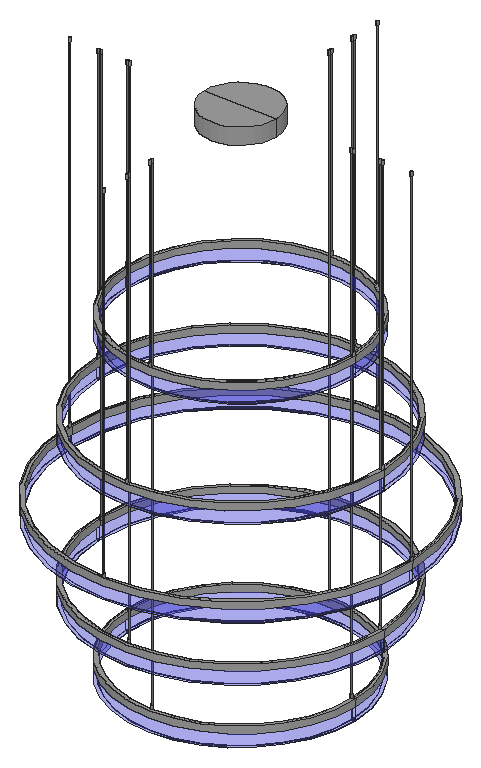
Revit family "Alcon-12272-5-32-40-48-40-32-Revit-Family", category Generic Models, host Ceiling, Revit 2025
Family settings
  Host = Ceiling
  Can host rebar = No
  Round Connector Dimension = Use Diameter
  Part Type = Normal
  Always vertical = Yes
  Cut with Voids When Loaded = No
  Maintain Annotation Orientation = No
  Shared = No
  Room Calculation Point = No
Parameters
  URL = "https://www.alconlighting.com/?srsltid=AfmBOooDPhGQ0dEP-X2PMtxFfvvWpIAEL4jCll_O2F4_to5onvhnBomy"
  Product Page = "https://www.alconlighting.com/redondo-12272-5.html"
  Model = "12272-5"
  Manufacturer = "Alcon Lighting"
  Lens = Glass
  Housing = Default
  Default Elevation = 0' - 0"
Reference planes (in)
  plane 1 "Center (Front/Back)": y = 0
  plane 2 "Ceiling": z = 96
  plane 3 "Center (Left/Right)": x = 0
Forms (in)
  Revolve 1, solid, material "Default" <- "Housing"
    sketch origin (0, 0, 0) x (1, 0, 0) y (0, 0, 1)
      loop
        line (0, 96) -> (0, 93.75) -> (5, 93.75) -> (5, 96) -> (0, 96)
      axis (0, 96) -> (0, 93.75)
    angle from 0 to 360
  Revolve 2, solid, material "Default" <- "Housing"
    sketch origin (0, 0, -29.03125) x (1, 0, 0) y (0, 0, 1)
      loop
        line (19.5, 66.65) -> (19.5, 65.72813) -> (19.5625, 65.72813) -> (19.5625, 66.5875) -> (19.9375, 66.5875) -> (19.9375, 65.72813) -> (20, 65.72813) -> (20, 66.65) -> (19.5, 66.65)
      axis (0, 65.72813) -> (0, 66.65)
    angle from 0 to 360
  Revolve 3, solid, material "Glass" <- "Lens"
    sketch origin (0, 0, -29.03125) x (1, 0, 0) y (0, 0, 1)
      loop
        line (19.5, 63.89) -> (20, 63.89) -> (20, 65.72813) -> (19.96875, 65.72813) -> (19.96875, 63.92125) -> (19.53125, 63.92125) -> (19.53125, 65.72813) -> (19.5, 65.72813) -> (19.5, 63.89)
      axis (0, 63.89) -> (0, 65.72813)
    angle from 0 to 360
  Revolve 4, solid, material "Default" <- "Housing"
    sketch origin (0, -31.92511, -29.03125) x (0, 1, 0) y (0, 0, 1)
      loop
        line (12.55011, 66.65) -> (12.67511, 66.65) -> (12.67511, 67.1208) -> (12.55011, 67.1208) -> (12.55011, 66.65)
      axis (12.55011, 67.1208) -> (12.55011, 66.65)
    angle from 0 to 360
  Extrusion 5, solid, material "Default" <- "Housing"
    sketch origin (0, -19.37511, 92.90344) x (0, 1, 0) y (1, 0, 0)
      loop
        circle (0, 0) r 0.04922
    from -2.62576 to 54.8139
  Revolve 6, solid, material "Default" <- "Housing"
    sketch origin (0, -31.92511, 28.8792) x (0, 1, 0) y (0, 0, 1)
      loop
        line (12.55011, 66.65) -> (12.67511, 66.65) -> (12.67511, 67.1208) -> (12.55011, 67.1208) -> (12.55011, 66.65)
      axis (12.55011, 67.1208) -> (12.55011, 66.65)
    angle from 0 to 360
  Revolve 7, solid, material "Default" <- "Housing"
    sketch origin (0, 6.82489, -29.03125) x (0, 1, 0) y (0, 0, 1)
      loop
        line (12.55011, 66.65) -> (12.67511, 66.65) -> (12.67511, 67.1208) -> (12.55011, 67.1208) -> (12.55011, 66.65)
      axis (12.55011, 67.1208) -> (12.55011, 66.65)
    angle from 0 to 360
  Extrusion 8, solid, material "Default" <- "Housing"
    sketch origin (0, 19.37489, 92.90344) x (0, 1, 0) y (1, 0, 0)
      loop
        circle (0, 0) r 0.04922
    from -2.62576 to 54.8139
  Revolve 9, solid, material "Default" <- "Housing"
    sketch origin (0, 6.82489, 28.8792) x (0, 1, 0) y (0, 0, 1)
      loop
        line (12.55011, 66.65) -> (12.67511, 66.65) -> (12.67511, 67.1208) -> (12.55011, 67.1208) -> (12.55011, 66.65)
      axis (12.55011, 67.1208) -> (12.55011, 66.65)
    angle from 0 to 360
  Revolve 10, solid, material "Default" <- "Housing"
    sketch origin (19.375, -12.55011, -29.03125) x (0, 1, 0) y (0, 0, 1)
      loop
        line (12.55011, 66.65) -> (12.67511, 66.65) -> (12.67511, 67.1208) -> (12.55011, 67.1208) -> (12.55011, 66.65)
      axis (12.55011, 67.1208) -> (12.55011, 66.65)
    angle from 0 to 360
  Extrusion 11, solid, material "Default" <- "Housing"
    sketch origin (19.375, -0.00011, 92.90344) x (0, 1, 0) y (1, 0, 0)
      loop
        circle (0, 0) r 0.04922
    from -2.62576 to 54.8139
  Revolve 12, solid, material "Default" <- "Housing"
    sketch origin (19.375, -12.55011, 28.8792) x (0, 1, 0) y (0, 0, 1)
      loop
        line (12.55011, 66.65) -> (12.67511, 66.65) -> (12.67511, 67.1208) -> (12.55011, 67.1208) -> (12.55011, 66.65)
      axis (12.55011, 67.1208) -> (12.55011, 66.65)
    angle from 0 to 360
  Revolve 13, solid, material "Default" <- "Housing"
    sketch origin (-19.375, -12.55011, -29.03125) x (0, 1, 0) y (0, 0, 1)
      loop
        line (12.55011, 66.65) -> (12.67511, 66.65) -> (12.67511, 67.1208) -> (12.55011, 67.1208) -> (12.55011, 66.65)
      axis (12.55011, 67.1208) -> (12.55011, 66.65)
    angle from 0 to 360
  Extrusion 14, solid, material "Default" <- "Housing"
    sketch origin (-19.375, -0.00011, 92.90344) x (0, 1, 0) y (1, 0, 0)
      loop
        circle (0, 0) r 0.04922
    from -2.62576 to 54.8139
  Revolve 15, solid, material "Default" <- "Housing"
    sketch origin (-19.375, -12.55011, 28.8792) x (0, 1, 0) y (0, 0, 1)
      loop
        line (12.55011, 66.65) -> (12.67511, 66.65) -> (12.67511, 67.1208) -> (12.55011, 67.1208) -> (12.55011, 66.65)
      axis (12.55011, 67.1208) -> (12.55011, 66.65)
    angle from 0 to 360
  Revolve 16, solid, material "Default" <- "Housing"
    sketch origin (0, 0, -19.03125) x (1, 0, 0) y (0, 0, 1)
      loop
        line (23.5, 66.65) -> (23.5, 65.72813) -> (23.5625, 65.72813) -> (23.5625, 66.5875) -> (23.9375, 66.5875) -> (23.9375, 65.72813) -> (24, 65.72813) -> (24, 66.65) -> (23.5, 66.65)
      axis (0, 65.72813) -> (0, 66.65)
    angle from 0 to 360
  Revolve 17, solid, material "Glass" <- "Lens"
    sketch origin (0, 0, -19.03125) x (1, 0, 0) y (0, 0, 1)
      loop
        line (23.5, 63.89) -> (24, 63.89) -> (24, 65.72813) -> (23.96875, 65.72813) -> (23.96875, 63.92125) -> (23.53125, 63.92125) -> (23.53125, 65.72813) -> (23.5, 65.72813) -> (23.5, 63.89)
      axis (0, 63.89) -> (0, 65.72813)
    angle from 0 to 360
  Revolve 18, solid, material "Default" <- "Housing"
    sketch origin (-23.73128, -12.55011, -19.03125) x (0, 1, 0) y (0, 0, 1)
      loop
        line (12.55011, 66.65) -> (12.67511, 66.65) -> (12.67511, 67.1208) -> (12.55011, 67.1208) -> (12.55011, 66.65)
      axis (12.55011, 67.1208) -> (12.55011, 66.65)
    angle from 0 to 360
  Extrusion 19, solid, material "Default" <- "Housing"
    sketch origin (-23.73128, -0.00011, 102.90344) x (0, 1, 0) y (1, 0, 0)
      loop
        circle (0, 0) r 0.04922
    from 7.37424 to 54.8139
  Revolve 20, solid, material "Default" <- "Housing"
    sketch origin (-23.73128, -12.55011, 28.8792) x (0, 1, 0) y (0, 0, 1)
      loop
        line (12.55011, 66.65) -> (12.67511, 66.65) -> (12.67511, 67.1208) -> (12.55011, 67.1208) -> (12.55011, 66.65)
      axis (12.55011, 67.1208) -> (12.55011, 66.65)
    angle from 0 to 360
  Revolve 21, solid, material "Default" <- "Housing"
    sketch origin (-19.375, -12.55011, -29.03125) x (0, 1, 0) y (0, 0, 1)
      loop
        line (12.55011, 66.65) -> (12.67511, 66.65) -> (12.67511, 67.1208) -> (12.55011, 67.1208) -> (12.55011, 66.65)
      axis (12.55011, 67.1208) -> (12.55011, 66.65)
    angle from 0 to 360
  Extrusion 22, solid, material "Default" <- "Housing"
    sketch origin (-19.375, -0.00011, 92.90344) x (0, 1, 0) y (1, 0, 0)
      loop
        circle (0, 0) r 0.04922
    from -2.62576 to 54.8139
  Revolve 23, solid, material "Default" <- "Housing"
    sketch origin (-19.375, -12.55011, 28.8792) x (0, 1, 0) y (0, 0, 1)
      loop
        line (12.55011, 66.65) -> (12.67511, 66.65) -> (12.67511, 67.1208) -> (12.55011, 67.1208) -> (12.55011, 66.65)
      axis (12.55011, 67.1208) -> (12.55011, 66.65)
    angle from 0 to 360
  Revolve 24, solid, material "Default" <- "Housing"
    sketch origin (23.7346, -12.55011, -19.03125) x (0, 1, 0) y (0, 0, 1)
      loop
        line (12.55011, 66.65) -> (12.67511, 66.65) -> (12.67511, 67.1208) -> (12.55011, 67.1208) -> (12.55011, 66.65)
      axis (12.55011, 67.1208) -> (12.55011, 66.65)
    angle from 0 to 360
  Extrusion 25, solid, material "Default" <- "Housing"
    sketch origin (23.7346, -0.00011, 102.90344) x (0, 1, 0) y (1, 0, 0)
      loop
        circle (0, 0) r 0.04922
    from 7.37424 to 54.8139
  Revolve 26, solid, material "Default" <- "Housing"
    sketch origin (23.7346, -12.55011, 28.8792) x (0, 1, 0) y (0, 0, 1)
      loop
        line (12.55011, 66.65) -> (12.67511, 66.65) -> (12.67511, 67.1208) -> (12.55011, 67.1208) -> (12.55011, 66.65)
      axis (12.55011, 67.1208) -> (12.55011, 66.65)
    angle from 0 to 360
  Revolve 27, solid, material "Default" <- "Housing"
    sketch origin (0, 11.19989, -19.03125) x (0, 1, 0) y (0, 0, 1)
      loop
        line (12.55011, 66.65) -> (12.67511, 66.65) -> (12.67511, 67.1208) -> (12.55011, 67.1208) -> (12.55011, 66.65)
      axis (12.55011, 67.1208) -> (12.55011, 66.65)
    angle from 0 to 360
  Extrusion 28, solid, material "Default" <- "Housing"
    sketch origin (0, 23.74989, 102.90344) x (0, 1, 0) y (1, 0, 0)
      loop
        circle (0, 0) r 0.04922
    from 7.37424 to 54.8139
  Revolve 29, solid, material "Default" <- "Housing"
    sketch origin (0, 11.19989, 28.8792) x (0, 1, 0) y (0, 0, 1)
      loop
        line (12.55011, 66.65) -> (12.67511, 66.65) -> (12.67511, 67.1208) -> (12.55011, 67.1208) -> (12.55011, 66.65)
      axis (12.55011, 67.1208) -> (12.55011, 66.65)
    angle from 0 to 360
  Revolve 30, solid, material "Default" <- "Housing"
    sketch origin (0, -36.30011, -19.03125) x (0, 1, 0) y (0, 0, 1)
      loop
        line (12.55011, 66.65) -> (12.67511, 66.65) -> (12.67511, 67.1208) -> (12.55011, 67.1208) -> (12.55011, 66.65)
      axis (12.55011, 67.1208) -> (12.55011, 66.65)
    angle from 0 to 360
  Extrusion 31, solid, material "Default" <- "Housing"
    sketch origin (0, -23.75011, 102.90344) x (0, 1, 0) y (1, 0, 0)
      loop
        circle (0, 0) r 0.04922
    from 7.37424 to 54.8139
  Revolve 32, solid, material "Default" <- "Housing"
    sketch origin (0, -36.30011, 28.8792) x (0, 1, 0) y (0, 0, 1)
      loop
        line (12.55011, 66.65) -> (12.67511, 66.65) -> (12.67511, 67.1208) -> (12.55011, 67.1208) -> (12.55011, 66.65)
      axis (12.55011, 67.1208) -> (12.55011, 66.65)
    angle from 0 to 360
  Revolve 33, solid, material "Default" <- "Housing"
    sketch origin (0, 0, -39.03125) x (1, 0, 0) y (0, 0, 1)
      loop
        line (15.5, 66.65) -> (15.5, 65.72813) -> (15.5625, 65.72813) -> (15.5625, 66.5875) -> (15.9375, 66.5875) -> (15.9375, 65.72813) -> (16, 65.72813) -> (16, 66.65) -> (15.5, 66.65)
      axis (0, 65.72813) -> (0, 66.65)
    angle from 0 to 360
  Revolve 34, solid, material "Glass" <- "Lens"
    sketch origin (0, 0, -39.03125) x (1, 0, 0) y (0, 0, 1)
      loop
        line (15.5, 63.89) -> (16, 63.89) -> (16, 65.72813) -> (15.96875, 65.72813) -> (15.96875, 63.92125) -> (15.53125, 63.92125) -> (15.53125, 65.72813) -> (15.5, 65.72813) -> (15.5, 63.89)
      axis (0, 63.89) -> (0, 65.72813)
    angle from 0 to 360
  Revolve 35, solid, material "Default" <- "Housing"
    sketch origin (15.375, -12.55011, -39.03125) x (0, 1, 0) y (0, 0, 1)
      loop
        line (12.55011, 66.65) -> (12.67511, 66.65) -> (12.67511, 67.1208) -> (12.55011, 67.1208) -> (12.55011, 66.65)
      axis (12.55011, 67.1208) -> (12.55011, 66.65)
    angle from 0 to 360
  Extrusion 36, solid, material "Default" <- "Housing"
    sketch origin (15.375, -0.00011, 92.90344) x (0, 1, 0) y (1, 0, 0)
      loop
        circle (0, 0) r 0.04922
    from -2.62576 to 64.8139
  Revolve 37, solid, material "Default" <- "Housing"
    sketch origin (15.375, -12.55011, 28.8792) x (0, 1, 0) y (0, 0, 1)
      loop
        line (12.55011, 66.65) -> (12.67511, 66.65) -> (12.67511, 67.1208) -> (12.55011, 67.1208) -> (12.55011, 66.65)
      axis (12.55011, 67.1208) -> (12.55011, 66.65)
    angle from 0 to 360
  Revolve 38, solid, material "Default" <- "Housing"
    sketch origin (-15.375, -12.55011, -39.03125) x (0, 1, 0) y (0, 0, 1)
      loop
        line (12.55011, 66.65) -> (12.67511, 66.65) -> (12.67511, 67.1208) -> (12.55011, 67.1208) -> (12.55011, 66.65)
      axis (12.55011, 67.1208) -> (12.55011, 66.65)
    angle from 0 to 360
  Extrusion 39, solid, material "Default" <- "Housing"
    sketch origin (-15.375, -0.00011, 92.90344) x (0, 1, 0) y (1, 0, 0)
      loop
        circle (0, 0) r 0.04922
    from -2.62576 to 64.8139
  Revolve 40, solid, material "Default" <- "Housing"
    sketch origin (-15.375, -12.55011, 28.8792) x (0, 1, 0) y (0, 0, 1)
      loop
        line (12.55011, 66.65) -> (12.67511, 66.65) -> (12.67511, 67.1208) -> (12.55011, 67.1208) -> (12.55011, 66.65)
      axis (12.55011, 67.1208) -> (12.55011, 66.65)
    angle from 0 to 360
  Revolve 41, solid, material "Default" <- "Housing"
    sketch origin (0, 2.82489, -39.03125) x (0, 1, 0) y (0, 0, 1)
      loop
        line (12.55011, 66.65) -> (12.67511, 66.65) -> (12.67511, 67.1208) -> (12.55011, 67.1208) -> (12.55011, 66.65)
      axis (12.55011, 67.1208) -> (12.55011, 66.65)
    angle from 0 to 360
  Extrusion 42, solid, material "Default" <- "Housing"
    sketch origin (0, 15.37489, 92.90344) x (0, 1, 0) y (1, 0, 0)
      loop
        circle (0, 0) r 0.04922
    from -2.62576 to 64.8139
  Revolve 43, solid, material "Default" <- "Housing"
    sketch origin (0, 2.82489, 28.8792) x (0, 1, 0) y (0, 0, 1)
      loop
        line (12.55011, 66.65) -> (12.67511, 66.65) -> (12.67511, 67.1208) -> (12.55011, 67.1208) -> (12.55011, 66.65)
      axis (12.55011, 67.1208) -> (12.55011, 66.65)
    angle from 0 to 360
  Revolve 44, solid, material "Default" <- "Housing"
    sketch origin (0, -27.92511, -39.03125) x (0, 1, 0) y (0, 0, 1)
      loop
        line (12.55011, 66.65) -> (12.67511, 66.65) -> (12.67511, 67.1208) -> (12.55011, 67.1208) -> (12.55011, 66.65)
      axis (12.55011, 67.1208) -> (12.55011, 66.65)
    angle from 0 to 360
  Extrusion 45, solid, material "Default" <- "Housing"
    sketch origin (0, -15.37511, 92.90344) x (0, 1, 0) y (1, 0, 0)
      loop
        circle (0, 0) r 0.04922
    from -2.62576 to 64.8139
  Revolve 46, solid, material "Default" <- "Housing"
    sketch origin (0, -27.92511, 28.8792) x (0, 1, 0) y (0, 0, 1)
      loop
        line (12.55011, 66.65) -> (12.67511, 66.65) -> (12.67511, 67.1208) -> (12.55011, 67.1208) -> (12.55011, 66.65)
      axis (12.55011, 67.1208) -> (12.55011, 66.65)
    angle from 0 to 360
  Revolve 47, solid, material "Default" <- "Housing"
    sketch origin (0, 0, -9.03125) x (1, 0, 0) y (0, 0, 1)
      loop
        line (19.5, 66.65) -> (19.5, 65.72813) -> (19.5625, 65.72813) -> (19.5625, 66.5875) -> (19.9375, 66.5875) -> (19.9375, 65.72813) -> (20, 65.72813) -> (20, 66.65) -> (19.5, 66.65)
      axis (0, 65.72813) -> (0, 66.65)
    angle from 0 to 360
  Revolve 48, solid, material "Glass" <- "Lens"
    sketch origin (0, 0, -9.03125) x (1, 0, 0) y (0, 0, 1)
      loop
        line (19.5, 63.89) -> (20, 63.89) -> (20, 65.72813) -> (19.96875, 65.72813) -> (19.96875, 63.92125) -> (19.53125, 63.92125) -> (19.53125, 65.72813) -> (19.5, 65.72813) -> (19.5, 63.89)
      axis (0, 63.89) -> (0, 65.72813)
    angle from 0 to 360
  Revolve 49, solid, material "Default" <- "Housing"
    sketch origin (0, -32.29757, -9.03125) x (0, 1, 0) y (0, 0, 1)
      loop
        line (12.55011, 66.65) -> (12.67511, 66.65) -> (12.67511, 67.1208) -> (12.55011, 67.1208) -> (12.55011, 66.65)
      axis (12.55011, 67.1208) -> (12.55011, 66.65)
    angle from 0 to 360
  Extrusion 50, solid, material "Default" <- "Housing"
    sketch origin (0, -19.74757, 112.90344) x (0, 1, 0) y (1, 0, 0)
      loop
        circle (0, 0) r 0.04922
    from 17.37424 to 54.8139
  Revolve 51, solid, material "Default" <- "Housing"
    sketch origin (0, -32.29757, 28.8792) x (0, 1, 0) y (0, 0, 1)
      loop
        line (12.55011, 66.65) -> (12.67511, 66.65) -> (12.67511, 67.1208) -> (12.55011, 67.1208) -> (12.55011, 66.65)
      axis (12.55011, 67.1208) -> (12.55011, 66.65)
    angle from 0 to 360
  Revolve 52, solid, material "Default" <- "Housing"
    sketch origin (0, 7.20494, -9.03125) x (0, 1, 0) y (0, 0, 1)
      loop
        line (12.55011, 66.65) -> (12.67511, 66.65) -> (12.67511, 67.1208) -> (12.55011, 67.1208) -> (12.55011, 66.65)
      axis (12.55011, 67.1208) -> (12.55011, 66.65)
    angle from 0 to 360
  Extrusion 53, solid, material "Default" <- "Housing"
    sketch origin (0, 19.75494, 112.90344) x (0, 1, 0) y (1, 0, 0)
      loop
        circle (0, 0) r 0.04922
    from 17.37424 to 54.8139
  Revolve 54, solid, material "Default" <- "Housing"
    sketch origin (0, 7.20494, 28.8792) x (0, 1, 0) y (0, 0, 1)
      loop
        line (12.55011, 66.65) -> (12.67511, 66.65) -> (12.67511, 67.1208) -> (12.55011, 67.1208) -> (12.55011, 66.65)
      axis (12.55011, 67.1208) -> (12.55011, 66.65)
    angle from 0 to 360
  Revolve 55, solid, material "Default" <- "Housing"
    sketch origin (19.75804, -12.55011, -9.03125) x (0, 1, 0) y (0, 0, 1)
      loop
        line (12.55011, 66.65) -> (12.67511, 66.65) -> (12.67511, 67.1208) -> (12.55011, 67.1208) -> (12.55011, 66.65)
      axis (12.55011, 67.1208) -> (12.55011, 66.65)
    angle from 0 to 360
  Extrusion 56, solid, material "Default" <- "Housing"
    sketch origin (19.75804, -0.00011, 112.90344) x (0, 1, 0) y (1, 0, 0)
      loop
        circle (0, 0) r 0.04922
    from 17.37424 to 54.8139
  Revolve 57, solid, material "Default" <- "Housing"
    sketch origin (19.75804, -12.55011, 28.8792) x (0, 1, 0) y (0, 0, 1)
      loop
        line (12.55011, 66.65) -> (12.67511, 66.65) -> (12.67511, 67.1208) -> (12.55011, 67.1208) -> (12.55011, 66.65)
      axis (12.55011, 67.1208) -> (12.55011, 66.65)
    angle from 0 to 360
  Revolve 58, solid, material "Default" <- "Housing"
    sketch origin (-19.75897, -12.55011, -9.03125) x (0, 1, 0) y (0, 0, 1)
      loop
        line (12.55011, 66.65) -> (12.67511, 66.65) -> (12.67511, 67.1208) -> (12.55011, 67.1208) -> (12.55011, 66.65)
      axis (12.55011, 67.1208) -> (12.55011, 66.65)
    angle from 0 to 360
  Extrusion 59, solid, material "Default" <- "Housing"
    sketch origin (-19.75897, -0.00011, 112.90344) x (0, 1, 0) y (1, 0, 0)
      loop
        circle (0, 0) r 0.04922
    from 17.37424 to 54.8139
  Revolve 60, solid, material "Default" <- "Housing"
    sketch origin (-19.75897, -12.55011, 28.8792) x (0, 1, 0) y (0, 0, 1)
      loop
        line (12.55011, 66.65) -> (12.67511, 66.65) -> (12.67511, 67.1208) -> (12.55011, 67.1208) -> (12.55011, 66.65)
      axis (12.55011, 67.1208) -> (12.55011, 66.65)
    angle from 0 to 360
  Revolve 61, solid, material "Default" <- "Housing"
    sketch origin (-19.75897, -12.55011, -9.03125) x (0, 1, 0) y (0, 0, 1)
      loop
        line (12.55011, 66.65) -> (12.67511, 66.65) -> (12.67511, 67.1208) -> (12.55011, 67.1208) -> (12.55011, 66.65)
      axis (12.55011, 67.1208) -> (12.55011, 66.65)
    angle from 0 to 360
  Extrusion 62, solid, material "Default" <- "Housing"
    sketch origin (-19.75897, -0.00011, 112.90344) x (0, 1, 0) y (1, 0, 0)
      loop
        circle (0, 0) r 0.04922
    from 17.37424 to 54.8139
  Revolve 63, solid, material "Default" <- "Housing"
    sketch origin (-19.75897, -12.55011, 28.8792) x (0, 1, 0) y (0, 0, 1)
      loop
        line (12.55011, 66.65) -> (12.67511, 66.65) -> (12.67511, 67.1208) -> (12.55011, 67.1208) -> (12.55011, 66.65)
      axis (12.55011, 67.1208) -> (12.55011, 66.65)
    angle from 0 to 360
  Revolve 64, solid, material "Default" <- "Housing"
    sketch origin (0, 0, 3.72875) x (1, 0, 0) y (0, 0, 1)
      loop
        line (15.5, 66.65) -> (15.5, 65.72813) -> (15.5625, 65.72813) -> (15.5625, 66.5875) -> (15.9375, 66.5875) -> (15.9375, 65.72813) -> (16, 65.72813) -> (16, 66.65) -> (15.5, 66.65)
      axis (0, 65.72813) -> (0, 66.65)
    angle from 0 to 360
  Revolve 65, solid, material "Glass" <- "Lens"
    sketch origin (0, 0, 3.72875) x (1, 0, 0) y (0, 0, 1)
      loop
        line (15.5, 63.89) -> (16, 63.89) -> (16, 65.72813) -> (15.96875, 65.72813) -> (15.96875, 63.92125) -> (15.53125, 63.92125) -> (15.53125, 65.72813) -> (15.5, 65.72813) -> (15.5, 63.89)
      axis (0, 63.89) -> (0, 65.72813)
    angle from 0 to 360
  Revolve 66, solid, material "Default" <- "Housing"
    sketch origin (15.74271, -12.55011, 3.72875) x (0, 1, 0) y (0, 0, 1)
      loop
        line (12.55011, 66.65) -> (12.67511, 66.65) -> (12.67511, 67.1208) -> (12.55011, 67.1208) -> (12.55011, 66.65)
      axis (12.55011, 67.1208) -> (12.55011, 66.65)
    angle from 0 to 360
  Extrusion 67, solid, material "Default" <- "Housing"
    sketch origin (15.74271, -0.00011, 135.66344) x (0, 1, 0) y (1, 0, 0)
      loop
        circle (0, 0) r 0.04922
    from 40.13424 to 64.8139
  Revolve 68, solid, material "Default" <- "Housing"
    sketch origin (15.74271, -12.55011, 28.8792) x (0, 1, 0) y (0, 0, 1)
      loop
        line (12.55011, 66.65) -> (12.67511, 66.65) -> (12.67511, 67.1208) -> (12.55011, 67.1208) -> (12.55011, 66.65)
      axis (12.55011, 67.1208) -> (12.55011, 66.65)
    angle from 0 to 360
  Revolve 69, solid, material "Default" <- "Housing"
    sketch origin (-15.73482, -12.55011, 3.72875) x (0, 1, 0) y (0, 0, 1)
      loop
        line (12.55011, 66.65) -> (12.67511, 66.65) -> (12.67511, 67.1208) -> (12.55011, 67.1208) -> (12.55011, 66.65)
      axis (12.55011, 67.1208) -> (12.55011, 66.65)
    angle from 0 to 360
  Extrusion 70, solid, material "Default" <- "Housing"
    sketch origin (-15.73482, -0.00011, 135.66344) x (0, 1, 0) y (1, 0, 0)
      loop
        circle (0, 0) r 0.04922
    from 40.13424 to 64.8139
  Revolve 71, solid, material "Default" <- "Housing"
    sketch origin (-15.73482, -12.55011, 28.8792) x (0, 1, 0) y (0, 0, 1)
      loop
        line (12.55011, 66.65) -> (12.67511, 66.65) -> (12.67511, 67.1208) -> (12.55011, 67.1208) -> (12.55011, 66.65)
      axis (12.55011, 67.1208) -> (12.55011, 66.65)
    angle from 0 to 360
  Revolve 72, solid, material "Default" <- "Housing"
    sketch origin (0, 3.19989, 3.72875) x (0, 1, 0) y (0, 0, 1)
      loop
        line (12.55011, 66.65) -> (12.67511, 66.65) -> (12.67511, 67.1208) -> (12.55011, 67.1208) -> (12.55011, 66.65)
      axis (12.55011, 67.1208) -> (12.55011, 66.65)
    angle from 0 to 360
  Extrusion 73, solid, material "Default" <- "Housing"
    sketch origin (0, 15.74989, 135.66344) x (0, 1, 0) y (1, 0, 0)
      loop
        circle (0, 0) r 0.04922
    from 40.13424 to 64.8139
  Revolve 74, solid, material "Default" <- "Housing"
    sketch origin (0, 3.19989, 28.8792) x (0, 1, 0) y (0, 0, 1)
      loop
        line (12.55011, 66.65) -> (12.67511, 66.65) -> (12.67511, 67.1208) -> (12.55011, 67.1208) -> (12.55011, 66.65)
      axis (12.55011, 67.1208) -> (12.55011, 66.65)
    angle from 0 to 360
  Revolve 75, solid, material "Default" <- "Housing"
    sketch origin (0, -28.30011, 3.72875) x (0, 1, 0) y (0, 0, 1)
      loop
        line (12.55011, 66.65) -> (12.67511, 66.65) -> (12.67511, 67.1208) -> (12.55011, 67.1208) -> (12.55011, 66.65)
      axis (12.55011, 67.1208) -> (12.55011, 66.65)
    angle from 0 to 360
  Extrusion 76, solid, material "Default" <- "Housing"
    sketch origin (0, -15.75011, 135.66344) x (0, 1, 0) y (1, 0, 0)
      loop
        circle (0, 0) r 0.04922
    from 40.13424 to 64.8139
  Revolve 77, solid, material "Default" <- "Housing"
    sketch origin (0, -28.30011, 28.8792) x (0, 1, 0) y (0, 0, 1)
      loop
        line (12.55011, 66.65) -> (12.67511, 66.65) -> (12.67511, 67.1208) -> (12.55011, 67.1208) -> (12.55011, 66.65)
      axis (12.55011, 67.1208) -> (12.55011, 66.65)
    angle from 0 to 360
Dimensions and locks (in)
  equal spacing: host sketch curve, plane 3 "Center (Left/Right)", host sketch curve
  equal spacing: host sketch curve, plane 1 "Center (Front/Back)", host sketch curve
  host sketch curve to host sketch curve = 10' - 0"  (x2)
  aligned and locked: Extrusion 5 to Revolve 4
  aligned and locked: Revolve 6 to Extrusion 5
  aligned and locked: Extrusion 8 to Revolve 7
  aligned and locked: Revolve 9 to Extrusion 8
  aligned and locked: Extrusion 11 to Revolve 10
  aligned and locked: Revolve 12 to Extrusion 11
  aligned and locked: Extrusion 14 to Revolve 13
  aligned and locked: Extrusion 19 to Revolve 18
  aligned and locked: Revolve 20 to Extrusion 19
  aligned and locked: Extrusion 22 to Revolve 21
  aligned and locked: Extrusion 25 to Revolve 24
  aligned and locked: Revolve 26 to Extrusion 25
  aligned and locked: Extrusion 28 to Revolve 27
  aligned and locked: Revolve 29 to Extrusion 28
  aligned and locked: Extrusion 31 to Revolve 30
  aligned and locked: Revolve 32 to Extrusion 31
  aligned and locked: Extrusion 36 to Revolve 35
  aligned and locked: Revolve 37 to Extrusion 36
  aligned and locked: Extrusion 39 to Revolve 38
  aligned and locked: Revolve 40 to Extrusion 39
  aligned and locked: Extrusion 42 to Revolve 41
  aligned and locked: Revolve 43 to Extrusion 42
  aligned and locked: Extrusion 45 to Revolve 44
  aligned and locked: Revolve 46 to Extrusion 45
  aligned and locked: Extrusion 50 to Revolve 49
  aligned and locked: Revolve 51 to Extrusion 50
  aligned and locked: Extrusion 53 to Revolve 52
  aligned and locked: Revolve 54 to Extrusion 53
  aligned and locked: Extrusion 56 to Revolve 55
  aligned and locked: Revolve 57 to Extrusion 56
  aligned and locked: Extrusion 59 to Revolve 58
  aligned and locked: Extrusion 62 to Revolve 61
  aligned and locked: Revolve 63 to Extrusion 62
  aligned and locked: Extrusion 67 to Revolve 66
  aligned and locked: Revolve 68 to Extrusion 67
  aligned and locked: Extrusion 70 to Revolve 69
  aligned and locked: Revolve 71 to Extrusion 70
  aligned and locked: Extrusion 73 to Revolve 72
  aligned and locked: Revolve 74 to Extrusion 73
  aligned and locked: Extrusion 76 to Revolve 75
  aligned and locked: Revolve 77 to Extrusion 76
